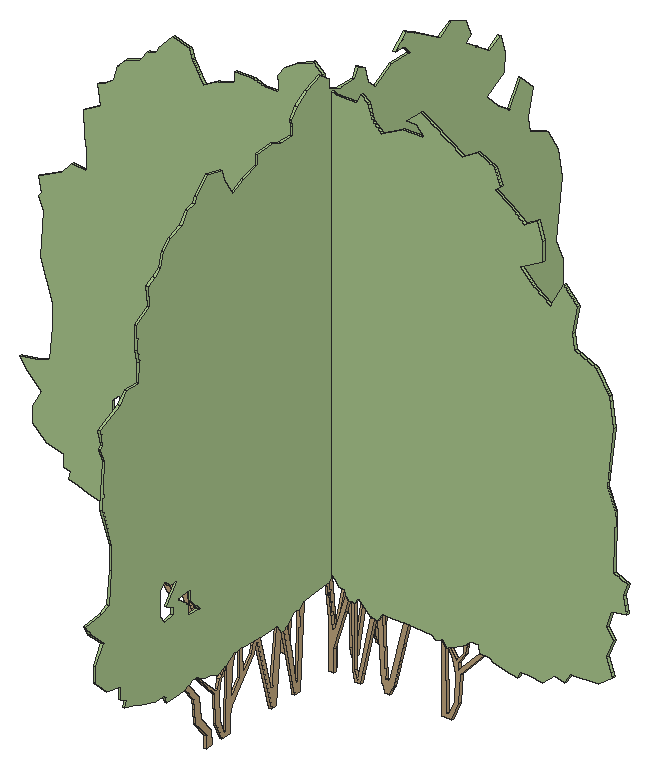
Revit family "L-PL낙엽관목_해당화", category 수목, Revit 2019
Family settings
  OmniClass 번호 = 23.40.05.00
  OmniClass 제목 = Plants and Planting Products
  작업 기준면 기반 = 아니오
  항상 수직 = 예
  로드될 때 보이드를 사용하여 절단 = 아니오
  렌더 모양 소스 = 패밀리 형상
  공유 = 아니오
Parameters (values of type "해당화")
  한국산업규격KS = ""
  조달청표준공사코드-세부공종 = "10161599202809"
  높이 = 1000 mm
  건설정보분류체계-부위분류 = "E985"
  LIM_INFO_주의사항 = "재배포, 재가공, 판매 금지"
  LIM_INFO_제작일 = "20211210"
  LIM_INFO_버전 = "2022_V01"
  LIM_INFO_PL_학명 = "Quercus myrsinaefolia Bl."
  LIM_INFO_PL_품명 = "가시나무"
  LIM_INFO_PL_주당인정수량 = 0
  LIM_INFO_PL_수목단위 = "주"
  LIM_INFO_PL_규격 = "5.0H X 18R"
  LIM_INFO_PL_구분 = "상록교목"
  LIM_INFO_PL_가격 = 0
  LIM_INFO_PL_Qty [instance] = 0
  LIM_INFO_PL_M2당수량 = 0
  KBIMS_식별-버전 = ""
  KBIMS_식별-bSK등록번호 = ""
  KBIMS_보급정보-저작자 = "림인포테크_MMJ"
  KBIMS_보급정보-보급코드 = ""
Reference planes
  plane 1 "중심(앞/뒤)": y = 0
  plane 2: z = 0
  plane 3 "중심(왼쪽/오른쪽)": x = 0
  plane 4: x = 482.5
  plane 5: x = -607.5
  plane 6: z = -545
  plane 7: z = -817.5
  plane 8: z = 5000
  plane 9: x = -100
  plane 10: x = 100
Dimensions and locks
  plane 4 to plane 5 = 1090 mm
  plane 6 to level = 545 mm
  plane 7 to plane 6 = 272.5 mm
  locked: level to plane 8 at 5000
  plane 9 to plane 10 = 200 mm
  aligned and locked: level to plane 2
Nested families
  nested 1: "해당화_base" at (0, 0, 0), type "해당화_base"
Definition of nested family "해당화_base"
  Parameters (values of type "해당화_base")
    Height = 6000 mm
  Reference planes
    plane 1 "중심(앞/뒤)": y = 0
    plane 2: z = 0
    plane 3 "중심(왼쪽/오른쪽)": x = 0
  Forms (mm)
    Revolve 1, solid, detail levels coarse
      sketch origin (0, 0, 0) x (1, 0, 0) y (0, 0, 1)
        loop
          line (0.01, 0) -> (0.01, 996.01) -> (-339.99, 996.01)
          arc (-339.99, 996.01) -> (-453.127, 949.147) -> (-499.99, 836.01) r 160
          line (-499.99, 836.01) -> (-499.99, 140)
          arc (-499.99, 140) -> (-476.558, 83.431) -> (-419.99, 60) r 80
          line (-419.99, 60) -> (-158.625, 60) -> (-158.625, 0) -> (0.01, 0)
        axis (0.01, 996.01) -> (0.01, 0)
      angle from 0 to 360
    Extrusion 2, solid, detail levels fine
      sketch origin (0, 0, 0) x (1, 0, 0) y (0, 0, 1)
        loop
          line (-119.012, 133.914) -> (-104.506, 152.533) -> (-94.22, 156.034) -> (-87.363, 152.837) -> (-75.791, 161.775) -> (-56.798, 165.951) -> (-15.89, 169.461) -> (-8.769, 169.461) -> (-3.115, 180.388) -> (7.847, 181.328) -> (19.319, 170.515) -> (21.297, 165.765) -> (33.429, 163.626) -> (35.251, 153.292) -> (41.638, 146.277) -> (48.66, 146.969) -> (55.873, 146.2) -> (63.11, 156.995) -> (89.092, 132.54) -> (96.726, 130.682) -> (103.847, 130.682) -> (113.54, 145.782) -> (167.54, 145.782) -> (215.275, 143.919) -> (223.775, 137.311) -> (237.563, 141.323) -> (245.476, 130.682) -> (250.487, 130.682) -> (255.697, 132.678) -> (283.382, 147.662) -> (289.809, 150.617) -> (296.377, 159.066) -> (313.777, 159.066) -> (315.894, 144.002) -> (326.971, 144.002) -> (337.257, 144.002) -> (344.773, 136.485) -> (369.697, 130.551) -> (395.619, 126.663) -> (402.007, 138.368) -> (416.202, 138.368) -> (447.075, 134.466) -> (472.271, 156.102) -> (492.853, 150.782) -> (506.927, 171.164) -> (564.594, 174.402) -> (593.752, 195.774) -> (582.088, 231.393) -> (596.991, 266.364) -> (581.408, 287.466) -> (591.775, 317.904) -> (622.877, 324.381) -> (617.045, 356.762) -> (624.821, 381.371) -> (596.959, 393.676) -> (599.349, 508.583) -> (582.497, 549.209) -> (596.959, 662.828) -> (587.24, 719.819) -> (561.322, 763.21) -> (514.67, 782.638) -> (510.134, 811.134) -> (521.149, 864.238) -> (491.344, 895.324) -> (463.482, 847.4) -> (431.085, 868.124) -> (402.575, 898.562) -> (447.284, 923.82) -> (448.579, 961.382) -> (438.212, 997.001) -> (409.703, 980.163) -> (377.953, 1002.829) -> (346.852, 1022.906) -> (359.811, 1031.972) -> (346.852, 1063.706) -> (311.215, 1079.249) -> (280.761, 1061.115) -> (217.911, 1099.325) -> (192.317, 1112.277) -> (163.448, 1087.349) -> (184.651, 1087.349) -> (201.244, 1068.005) -> (155.151, 1068.005) -> (112.147, 1044.841) -> (91.47, 1062.201) -> (82.311, 1092.521) -> (67.408, 1101.587) -> (58.337, 1083.454) -> (14.276, 1084.102) -> (-11.641, 1095.111) -> (-10.993, 1112.597) -> (-31.728, 1128.14) -> (-66.069, 1113.892) -> (-91.987, 1096.406) -> (-106.889, 1076.33) -> (-104.298, 1064.673) -> (-104.298, 1047.187) -> (-134.103, 1047.187) -> (-156.133, 1054.311) -> (-195.01, 1052.368) -> (-195.658, 1032.292) -> (-231.943, 1021.93) -> (-260.453, 1006.387) -> (-284.427, 1044.285) -> (-288.962, 1062.418) -> (-325.895, 1072.133) -> (-354.405, 1042.99) -> (-358.292, 1031.98) -> (-377.731, 1026.799) -> (-392.634, 1006.075) -> (-423.087, 994.418) -> (-441.23, 978.228) -> (-449.005, 949.085) -> (-463.26, 938.723) -> (-481.402, 929.656) -> (-476.867, 890.799) -> (-511.856, 870.075) -> (-509.912, 822.151) -> (-504.728, 798.837) -> (-506.024, 759.332) -> (-537.126, 760.627) -> (-554.62, 739.903) -> (-606.456, 714.646) -> (-599.765, 683.822) -> (-605.596, 677.346) -> (-595.229, 653.384) -> (-601.97, 563.733) -> (-576.562, 487.539) -> (-576.562, 441.079) -> (-582.918, 377.107) -> (-603.005, 369.984) -> (-644.473, 363.507) -> (-633.458, 344.726) -> (-599.117, 312.993) -> (-618.555, 279.964) -> (-618.555, 247.583) -> (-589.398, 220.383) -> (-553.113, 213.259) -> (-553.113, 188.65) -> (-538.477, 183.078) -> (-542.526, 169.007) -> (-521.766, 163.034) -> (-500.024, 156.777) -> (-462.55, 145.995) -> (-439.838, 145.995) -> (-432.457, 130.551) -> (-401.477, 130.551) -> (-385.85, 133.914) -> (-376.554, 136.485) -> (-369.037, 144.002) -> (-358.751, 144.002) -> (-331.201, 131.446) -> (-315.429, 131.446) -> (-302.633, 123.864) -> (-282.267, 130.682) -> (-277.256, 130.682) -> (-255.101, 145.98) -> (-243.035, 146.969) -> (-237.736, 147.058) -> (-198.355, 145.782) -> (-189.826, 145.782) -> (-145.32, 145.782) -> (-135.628, 130.682) -> (-128.507, 130.682) -> (-119.012, 133.914)
        loop
          line (-451.818, 346.563) -> (-451.818, 324.382) -> (-451.818, 300.037) -> (-437.741, 281.643) -> (-416.626, 287.864) -> (-416.626, 302.471) -> (-433.68, 310.857) -> (-404.173, 348.456) -> (-426.642, 346.563) -> (-438.434, 360.874) -> (-451.818, 346.563)
        loop
          line (-369.916, 294.038) -> (-369.916, 316.107) -> (-408.566, 311.693) -> (-377.646, 291.832) -> (-377.646, 268.66) -> (-347.831, 268.66) -> (-369.916, 294.038)
      from 0 to 5
    Extrusion 3, solid, detail levels fine
      sketch origin (0, 0, 0) x (1, 0, 0) y (0, 0, 1)
        loop
          line (-278.574, 8.044) -> (-283.585, 8.044) -> (-294.597, 35.209) -> (-297.036, 88.221) -> (-292.289, 113.54) -> (-284.641, 115.122) -> (-282.267, 130.682) -> (-285.866, 129.478) -> (-287.938, 119.409) -> (-295.571, 115.316) -> (-300.319, 98.015) -> (-302.782, 93.088) -> (-351.861, 140.862) -> (-358.751, 144.002) -> (-308.113, 90.594) -> (-304.948, 33.89) -> (-290.179, 0) -> (-269.343, 0) -> (-269.343, 33.363) -> (-265.19, 51.034) -> (-205.65, 121.66) -> (-201.826, 139.914) -> (-199.321, 145.782) -> (-160.353, 0) -> (-149.474, 0) -> (-135.628, 130.682) -> (-145.32, 145.782) -> (-160.155, 26.506) -> (-189.826, 145.782) -> (-198.355, 145.782) -> (-203.808, 145.959) -> (-208.233, 138.313) -> (-211.459, 124.313) -> (-234.697, 97.202) -> (-237.736, 147.058) -> (-243.035, 146.969) -> (-243.035, 92.968) -> (-263.211, 66.858) -> (-267.365, 69.363) -> (-264.003, 117.694) -> (-261.036, 129.496) -> (-255.101, 145.98) -> (-277.256, 130.682) -> (-278.574, 8.044)
        loop
          line (55.873, 146.2) -> (48.66, 146.969) -> (51.231, 20.967) -> (55.781, 0) -> (68.44, 0) -> (71.605, 19.583) -> (96.726, 130.682) -> (89.059, 132.39) -> (60.618, 4.662) -> (55.873, 21.358) -> (55.873, 146.2)
        loop
          line (113.54, 145.782) -> (103.847, 130.682) -> (111.957, 16.813) -> (115.518, 12.659) -> (117.694, 0) -> (128.573, 0) -> (131.738, 11.275) -> (135.496, 15.231) -> (167.54, 145.782) -> (158.046, 145.782) -> (128.375, 26.506) -> (118.881, 26.506) -> (113.54, 145.782)
        loop
          line (-119.012, 133.914) -> (-128.507, 130.682) -> (-103.385, 19.583) -> (-100.22, 0) -> (-87.561, 0) -> (-75.791, 161.775) -> (-87.363, 152.837) -> (-90.528, 25.187) -> (-92.786, 18.984) -> (-96.594, 20.37) -> (-98.189, 30.241) -> (-106.166, 79.601) -> (-119.012, 133.914)
        loop
          line (-385.85, 133.914) -> (-363.103, 104.639) -> (-360.136, 85.254) -> (-356.821, 54.872) -> (-330.014, 23.079) -> (-330.267, 0) -> (-315.432, 0) -> (-318.597, 29.077) -> (-345.498, 62.111) -> (-351.037, 105.034) -> (-376.554, 136.485) -> (-385.85, 133.914)
        loop
          line (35.251, 153.292) -> (13.649, 82.232) -> (8.649, 82.232) -> (-3.094, 180.428) -> (-8.769, 169.461) -> (0, 96.133) -> (0, 0) -> (10.879, 0) -> (10.879, 45.099) -> (41.638, 146.277) -> (35.251, 153.292)
        loop
          line (290.048, 150.726) -> (283.382, 147.662) -> (283.382, 131.958) -> (267.809, 115.388) -> (255.697, 132.678) -> (250.487, 130.682) -> (260.509, 113.54) -> (265.256, 88.221) -> (262.817, 35.209) -> (251.805, 8.044) -> (246.794, 8.044) -> (245.476, 130.682) -> (237.563, 141.323) -> (237.563, 33.363) -> (237.563, 0) -> (258.398, 0) -> (273.168, 33.89) -> (276.333, 90.594) -> (326.971, 144.002) -> (315.894, 144.002) -> (272.641, 97.981) -> (272.641, 111.165) -> (287.146, 131.13) -> (290.048, 150.726)
      from 0 to 5
    Extrusion 4, solid, detail levels fine
      sketch origin (0, 0, 0) x (0, 1, 0) y (0, 0, 1)
        loop
          line (-119.012, 133.914) -> (-104.506, 152.533) -> (-94.22, 156.034) -> (-87.363, 152.837) -> (-75.791, 161.775) -> (-56.798, 165.951) -> (-15.89, 169.461) -> (-8.769, 169.461) -> (-3.115, 180.388) -> (7.847, 181.328) -> (19.319, 170.515) -> (21.297, 165.765) -> (33.429, 163.626) -> (35.251, 153.292) -> (41.638, 146.277) -> (48.66, 146.969) -> (55.873, 146.2) -> (63.11, 156.995) -> (89.092, 132.54) -> (96.726, 130.682) -> (103.847, 130.682) -> (113.54, 145.782) -> (167.54, 145.782) -> (215.275, 143.919) -> (223.775, 137.311) -> (237.563, 141.323) -> (245.476, 130.682) -> (250.487, 130.682) -> (255.697, 132.678) -> (283.382, 147.662) -> (289.809, 150.617) -> (296.377, 159.066) -> (313.777, 159.066) -> (315.894, 144.002) -> (326.971, 144.002) -> (337.257, 144.002) -> (344.773, 136.485) -> (369.697, 130.551) -> (395.619, 126.663) -> (402.007, 138.368) -> (416.202, 138.368) -> (447.075, 134.466) -> (472.271, 156.102) -> (492.853, 150.782) -> (506.927, 171.164) -> (564.594, 174.402) -> (593.752, 195.774) -> (582.088, 231.393) -> (596.991, 266.364) -> (581.408, 287.466) -> (591.775, 317.904) -> (622.877, 324.381) -> (617.045, 356.762) -> (624.821, 381.371) -> (596.959, 393.676) -> (599.349, 508.583) -> (582.497, 549.209) -> (596.959, 662.828) -> (587.24, 719.819) -> (561.322, 763.21) -> (514.67, 782.638) -> (510.134, 811.134) -> (521.149, 864.238) -> (491.344, 895.324) -> (463.482, 847.4) -> (431.085, 868.124) -> (402.575, 898.562) -> (447.284, 923.82) -> (448.579, 961.382) -> (438.212, 997.001) -> (409.703, 980.163) -> (377.953, 1002.829) -> (346.852, 1022.906) -> (359.811, 1031.972) -> (346.852, 1063.706) -> (311.215, 1079.249) -> (280.761, 1061.115) -> (217.911, 1099.325) -> (192.317, 1112.277) -> (163.448, 1087.349) -> (184.651, 1087.349) -> (201.244, 1068.005) -> (155.151, 1068.005) -> (112.147, 1044.841) -> (91.47, 1062.201) -> (82.311, 1092.521) -> (67.408, 1101.587) -> (58.337, 1083.454) -> (14.276, 1084.102) -> (-11.641, 1095.111) -> (-10.993, 1112.597) -> (-31.728, 1128.14) -> (-66.069, 1113.892) -> (-91.987, 1096.406) -> (-106.889, 1076.33) -> (-104.298, 1064.673) -> (-104.298, 1047.187) -> (-134.103, 1047.187) -> (-156.133, 1054.311) -> (-195.01, 1052.368) -> (-195.658, 1032.292) -> (-231.943, 1021.93) -> (-260.453, 1006.387) -> (-284.427, 1044.285) -> (-288.962, 1062.418) -> (-325.895, 1072.133) -> (-354.405, 1042.99) -> (-358.292, 1031.98) -> (-377.731, 1026.799) -> (-392.634, 1006.075) -> (-423.087, 994.418) -> (-441.23, 978.228) -> (-449.005, 949.085) -> (-463.26, 938.723) -> (-481.402, 929.656) -> (-476.867, 890.799) -> (-511.856, 870.075) -> (-509.912, 822.151) -> (-504.728, 798.837) -> (-506.024, 759.332) -> (-537.126, 760.627) -> (-554.62, 739.903) -> (-606.456, 714.646) -> (-599.765, 683.822) -> (-605.596, 677.346) -> (-595.229, 653.384) -> (-601.97, 563.733) -> (-576.562, 487.539) -> (-576.562, 441.079) -> (-582.918, 377.107) -> (-603.005, 369.984) -> (-644.473, 363.507) -> (-633.458, 344.726) -> (-599.117, 312.993) -> (-618.555, 279.964) -> (-618.555, 247.583) -> (-589.398, 220.383) -> (-553.113, 213.259) -> (-553.113, 188.65) -> (-538.477, 183.078) -> (-542.526, 169.007) -> (-521.766, 163.034) -> (-500.024, 156.777) -> (-462.55, 145.995) -> (-439.838, 145.995) -> (-432.457, 130.551) -> (-401.477, 130.551) -> (-385.85, 133.914) -> (-376.554, 136.485) -> (-369.037, 144.002) -> (-358.751, 144.002) -> (-331.201, 131.446) -> (-315.429, 131.446) -> (-302.633, 123.864) -> (-282.267, 130.682) -> (-277.256, 130.682) -> (-255.101, 145.98) -> (-243.035, 146.969) -> (-237.736, 147.058) -> (-198.355, 145.782) -> (-189.826, 145.782) -> (-145.32, 145.782) -> (-135.628, 130.682) -> (-128.507, 130.682) -> (-119.012, 133.914)
        loop
          line (-451.818, 346.563) -> (-451.818, 324.382) -> (-451.818, 300.037) -> (-437.741, 281.643) -> (-416.626, 287.864) -> (-416.626, 302.471) -> (-433.68, 310.857) -> (-404.173, 348.456) -> (-426.642, 346.563) -> (-438.434, 360.874) -> (-451.818, 346.563)
        loop
          line (-369.916, 294.038) -> (-369.916, 316.107) -> (-408.566, 311.693) -> (-377.646, 291.832) -> (-377.646, 268.66) -> (-347.831, 268.66) -> (-369.916, 294.038)
      from 0 to 5
    Extrusion 5, solid, detail levels fine
      sketch origin (0, 0, 0) x (0, 1, 0) y (0, 0, 1)
        loop
          line (-278.574, 8.044) -> (-283.585, 8.044) -> (-294.597, 35.209) -> (-297.036, 88.221) -> (-292.289, 113.54) -> (-284.641, 115.122) -> (-282.267, 130.682) -> (-285.866, 129.478) -> (-287.938, 119.409) -> (-295.571, 115.316) -> (-300.319, 98.015) -> (-302.782, 93.088) -> (-351.861, 140.862) -> (-358.751, 144.002) -> (-308.113, 90.594) -> (-304.948, 33.89) -> (-290.179, 0) -> (-269.343, 0) -> (-269.343, 33.363) -> (-265.19, 51.034) -> (-205.65, 121.66) -> (-201.826, 139.914) -> (-199.321, 145.782) -> (-160.353, 0) -> (-149.474, 0) -> (-135.628, 130.682) -> (-145.32, 145.782) -> (-160.155, 26.506) -> (-189.826, 145.782) -> (-198.355, 145.782) -> (-203.808, 145.959) -> (-208.233, 138.313) -> (-211.459, 124.313) -> (-234.697, 97.202) -> (-237.736, 147.058) -> (-243.035, 146.969) -> (-243.035, 92.968) -> (-263.211, 66.858) -> (-267.365, 69.363) -> (-264.003, 117.694) -> (-261.036, 129.496) -> (-255.101, 145.98) -> (-277.256, 130.682) -> (-278.574, 8.044)
        loop
          line (55.873, 146.2) -> (48.66, 146.969) -> (51.231, 20.967) -> (55.781, 0) -> (68.44, 0) -> (71.605, 19.583) -> (96.726, 130.682) -> (89.059, 132.39) -> (60.618, 4.662) -> (55.873, 21.358) -> (55.873, 146.2)
        loop
          line (113.54, 145.782) -> (103.847, 130.682) -> (111.957, 16.813) -> (115.518, 12.659) -> (117.694, 0) -> (128.573, 0) -> (131.738, 11.275) -> (135.496, 15.231) -> (167.54, 145.782) -> (158.046, 145.782) -> (128.375, 26.506) -> (118.881, 26.506) -> (113.54, 145.782)
        loop
          line (-119.012, 133.914) -> (-128.507, 130.682) -> (-103.385, 19.583) -> (-100.22, 0) -> (-87.561, 0) -> (-75.791, 161.775) -> (-87.363, 152.837) -> (-90.528, 25.187) -> (-92.786, 18.984) -> (-96.594, 20.37) -> (-98.189, 30.241) -> (-106.166, 79.601) -> (-119.012, 133.914)
        loop
          line (-385.85, 133.914) -> (-363.103, 104.639) -> (-360.136, 85.254) -> (-356.821, 54.872) -> (-330.014, 23.079) -> (-330.267, 0) -> (-315.432, 0) -> (-318.597, 29.077) -> (-345.498, 62.111) -> (-351.037, 105.034) -> (-376.554, 136.485) -> (-385.85, 133.914)
        loop
          line (35.251, 153.292) -> (13.649, 82.232) -> (8.649, 82.232) -> (-3.094, 180.428) -> (-8.769, 169.461) -> (0, 96.133) -> (0, 0) -> (10.879, 0) -> (10.879, 45.099) -> (41.638, 146.277) -> (35.251, 153.292)
        loop
          line (290.048, 150.726) -> (283.382, 147.662) -> (283.382, 131.958) -> (267.809, 115.388) -> (255.697, 132.678) -> (250.487, 130.682) -> (260.509, 113.54) -> (265.256, 88.221) -> (262.817, 35.209) -> (251.805, 8.044) -> (246.794, 8.044) -> (245.476, 130.682) -> (237.563, 141.323) -> (237.563, 33.363) -> (237.563, 0) -> (258.398, 0) -> (273.168, 33.89) -> (276.333, 90.594) -> (326.971, 144.002) -> (315.894, 144.002) -> (272.641, 97.981) -> (272.641, 111.165) -> (287.146, 131.13) -> (290.048, 150.726)
      from 0 to 5
  Lines and regions (mm)
    symbolic lines
      curve 1: line (206.112, -34.906, 0) -> (411.632, -207.461, 0)
      curve 2: line (135.905, -234.283, 0) -> (338.354, -355.664, 0)
      curve 3: line (-53.385, -200.754, 0) -> (-225.94, -406.274, 0)
      curve 4: line (40.572, -225.929, 0) -> (-57.882, -468.089, 0)
      curve 5: line (59.516, -354.072, 0) -> (135.352, -435.947, 0)
      curve 6: line (231.249, -286.468, 0) -> (375.561, -233.724, 0)
      curve 7: line (359.43, 77.995, 0) -> (441.305, 153.831, 0)
      curve 8: line (-72.637, 377.909, 0) -> (-148.473, 459.784, 0)
      curve 9: line (-244.37, 310.305, 0) -> (-388.681, 257.561, 0)
      curve 10: line (-149.026, 258.12, 0) -> (-351.475, 379.501, 0)
      curve 11: line (40.264, 224.591, 0) -> (212.82, 430.111, 0)
      curve 12: line (-244.408, -35.214, 0) -> (-486.568, 63.24, 0)
      curve 13: line (-252.762, -130.547, 0) -> (-374.143, -332.996, 0)
      curve 14: line (-372.551, -54.158, 0) -> (-454.426, -129.993, 0)
      curve 15: line (-219.233, 58.743, 0) -> (-424.753, 231.299, 0)
      curve 16: line (239.641, 154.384, 0) -> (361.022, 356.833, 0)
      curve 17: line (-304.947, -225.891, 0) -> (-252.203, -370.202, 0)
      curve 18: line (231.287, 59.051, 0) -> (473.447, -39.403, 0)
      curve 19: line (-53.693, 249.766, 0) -> (44.761, 491.926, 0)
      curve 20: line (291.826, 249.728, 0) -> (239.082, 394.04, 0)
      curve 21: line (-469.784, 125.878, 0) -> (0, 0, 0)
      curve 22: line (0, 0, 0) -> (-468.961, -58.964, 0)
      curve 23: line (398.485, 246.092, 0) -> (-18.479, 5.358, 0)
      curve 24: line (-18.479, 5.358, 0) -> (107.399, 475.142, 0)
      curve 25: line (-18.479, 5.358, 0) -> (-77.443, 474.319, 0)
      curve 26: line (-240.734, 416.964, 0) -> (0, 0, 0)
      curve 27: line (456.663, -102.041, 0) -> (-13.121, 23.837, 0)
      curve 28: line (-13.121, 23.837, 0) -> (455.84, 82.801, 0)
      curve 29: line (-411.605, -222.255, 0) -> (5.358, 18.479, 0)
      curve 30: line (5.358, 18.479, 0) -> (-120.52, -451.305, 0)
      curve 31: line (5.358, 18.479, 0) -> (64.322, -450.482, 0)
      curve 32: line (227.613, -393.126, 0) -> (-13.121, 23.837, 0)
  Dimensions and locks
    aligned and locked: level to plane 2
